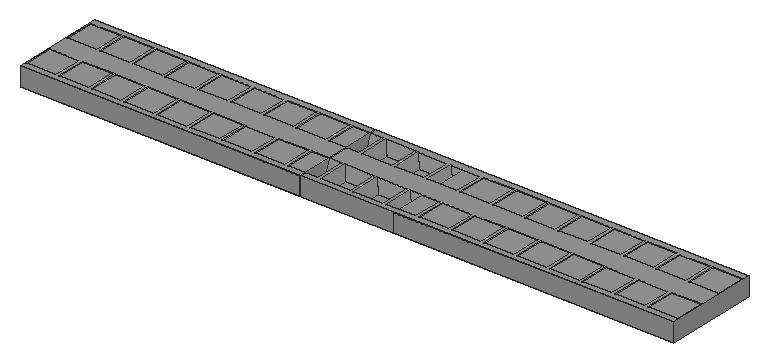
Revit family "2023774", category Lighting Fixtures, host Face, Revit 2018
Family settings
  Host = Face
  Round Connector Dimension = Use Diameter
  Part Type = Normal
  OmniClass Number = 23.80.70.00
  OmniClass Title = Lighting
  Cut with Voids When Loaded = No
  Light Source = Yes
  Shared = No
  Room Calculation Point = No
Parameters (values of type "2023774 OPTIX S 1500 2L D/I HO 4K ALU EM")
  Weight = "n/a"
  Wattage Comments = ""
  Wattage = 9.2903 W
  WarrantyStartDate [instance] = "n/a"
  WarrantyGuarantorParts = "n/a"
  WarrantyDurationUnit = "n/a"
  WarrantyDurationParts = ""
  WarrantyDescription = "http://www.sylvania-lighting.com"
  built-in parameter 1150110 = 1 (stored number, unit not read)
  Voltage = 0 V
  URL = "0.95"
  TypeName = "OPTIX SURFACE 1500 2L D/I HO 4000K ALU EM"
  Type Image = <None>
  Type Comments = "n/a"
  built-in parameter 1114217 = 1 (stored number, unit not read)
  Tilt Angle = -90.00°
  built-in parameter 1150109 = 1 (stored number, unit not read)
  built-in parameter 1150134 = 3
  built-in parameter 1150113 = 1 (stored number, unit not read)
  SerialNumber [instance] = "n/a"
  Photometric Web File = "2023774.ies"
  Material_3_SYL = none
  PowerFactor = 0
  PowerConsumption = "Lighting"
  NominalLength = 200 mm
  NominalHeight = 45 mm
  NominalDepth = 200 mm
  Name = "OPTIX SURFACE 1500 2L D/I HO 4000K ALU EM"
  ModelReference = Name  # "OPTIX SURFACE 1500 2L D/I HO 4000K ALU EM"
  ModelNumber = "2023774"
  Model = Name  # "OPTIX SURFACE 1500 2L D/I HO 4000K ALU EM"
  Material = "Feilo Sylvania"
  ManufacturerName = "143 lm/W"
  Manufacturer = ""
  LuminousEfficacy = ""
  built-in parameter 1150105 = 109.82 (stored number, unit not read)
  Lumens = 1380 lm
  LuminaireType = "0"
  built-in parameter 1150115 = 1 (stored number, unit not read)
  LightOutputRatio = "LED"
  built-in parameter 1150137 = (empty or 0)
  built-in parameter 1150139 = (empty or 0)
  LampsType = Lamp  # "n/a"
  LampNominalLuminous = "4000 K"
  LampMacAdamStep = "80"
  LampColourTemperature = "LED"
  LampColourRenderingIndex = "16500"
  built-in parameter 1150112 = 1 (stored number, unit not read)
  built-in parameter 1150114 = 1 (stored number, unit not read)
  Lamp = "n/a"
  Keynote = "n/a"
  InstallationDate [instance] = "n/a"
  InputVoltage = "0"
  InputNominalFrequency = "4000"
  built-in parameter 1150132 = (empty or 0)
  built-in parameter 1150102 = (empty or 0)
  built-in parameter 1150107 = 3200 (stored number, unit not read)
  built-in parameter 1150138 = (empty or 0)
  IngressProtection = "IfcLightFixtureType"
  ImpactProtectionIndex = "IfcLightFixtureType"
  built-in parameter 1150106 = 1.0982 (stored number, unit not read)
  IfcExportType = "IfcLightFixtureType"
  IfcExportAs = "Class I"
  Emit from Circle Diameter = 609.6 mm
  Emit Shape Visible in Rendering = no
  ElectricShockClassification = "143"
  built-in parameter 1150104 = 13.8 (stored number, unit not read)
  DocumentationLiterature = "http://www.sylvania-lighting.com/product/en-int/products/2023774"
  DimmingControlOptions = "n/a"
  Material_2_SYL = none
  Dimming Lamp Color Temperature Shift = <None>
  Description = "OPTIX SURFACE 1500x200 2 LINE D/I HO 4000K ALU EM is a high efficacy low glare luminaire for office and education applications. Direct / Indirect lighting with 80% downlight and 20% uplight ratio for ceiling suspended mounting. Size: 1410x200x45mm. Aluminised plastic extra low glare optics in 2 lines configuration. White RAL9016 fixture body. Constant current driver. 3hr maintained emergency version.  4000K Neutral White LED, CRI>80, chromaticity tolerance of 3-step MacAdam ellipse. Luminous flux 7000lm. Power consumption 48W. Luminaire efficacy 146lm/W. Lifespan: 60,000 hours L90B10. UGR<16, Luminance at 65°<200 Cd/m2, IK07, IP20. Photobiological safety risk group 1. Electrical protection Class I. Glow wire test 850°C."
  Default Elevation = 1219.2 mm
  CreatedOn = "22/09/2022"
  CreatedBy = "@sylvania-lighting.com"
  Cost = 0
  Color Filter = 16777215
  built-in parameter 1114216 [instance] = (empty or 0)
  ClassificationValue = "EF_70_80"
  ClassificationName = "Uniclass2015"
  Material_1_SYL = none
  BarCode [instance] = "n/a"
  built-in parameter 1114218 = 1 (stored number, unit not read)
  built-in parameter 1150133 = 10 (stored number, unit not read)
  AssetType = "Fixed"
  AssetIdentifier [instance] = "n/a"
  Assembly Code = "D5020200"
  Apparent Load = 49 VA
  Material_4_SYL = none
Reference planes
  plane 1 "Center (Front/Back)": y = 0
  plane 2: z = 0
  plane 3 "Center (Left/Right)": x = 0
  plane 4: x = -100
  plane 5: x = 100
  plane 6: y = 100
  plane 7: y = -100
  plane 8: z = 45
  plane 9: x = -698.5
  plane 10: x = 698.5
  plane 11: x = -633
  plane 12: y = 23
  plane 13: y = -23
  plane 14: x = -563
  plane 15: x = -557
  plane 16: x = -493
  plane 17: x = -487
  plane 18: x = -423
  plane 19: x = -417
  plane 20: x = -353
  plane 21: x = -347
  plane 22: x = -283
  plane 23: x = -277
  plane 24: x = -213
  plane 25: x = -206.997
  plane 26: x = -142.997
  plane 27: x = -136.997
  plane 28: x = -72.997
  plane 29: x = -66.997
  plane 30: x = -2.997
  plane 31: x = 3.003
  plane 32: x = 67.003
  plane 33: x = 73.003
  plane 34: x = 137.003
  plane 35: x = 143.003
  plane 36: x = 207.003
  plane 37: x = 213.003
  plane 38: x = 277.003
  plane 39: x = 283.003
  plane 40: x = 347.003
  plane 41: x = 353.003
  plane 42: x = 417.003
  plane 43: x = 423.003
  plane 44: x = 487.003
  plane 45: x = 493.003
  plane 46: x = 557.003
  plane 47: x = 563.003
  plane 48: x = 627.003
  plane 49: x = 633.003
  plane 50: x = -627
  plane 51: x = 697.011
  plane 52: x = -697
  plane 53: y = -87
  plane 54: y = -55
  plane 55: y = -33.5
  plane 56: y = -76.5
  plane 57: x = -665
  plane 58: x = -643.5
  plane 59: x = -686.5
  plane 60: x = -595
  plane 61: y = -5
  plane 62: z = 52.5
Forms (mm)
  Extrusion 1, solid, material "Aluminum", detail levels medium+fine
    sketch origin (0, 0, 0) x (1, 0, 0) y (0, 1, 0)
      loop
        line (-512.5, 10) -> (-512.5, -10) -> (-487.5, -10) -> (-487.5, 10) -> (-512.5, 10)
    from 0 to 6
  Extrusion 2, solid, material "Aluminum", detail levels medium+fine
    sketch origin (0, 0, 0) x (1, 0, 0) y (0, 1, 0)
      loop
        line (486, 10) -> (486, -10) -> (511, -10) -> (511, 10) -> (486, 10)
    from 0 to 6
  Extrusion 3, solid, material "Aluminum", detail levels medium+fine
    sketch origin (0, 0, 0) x (1, 0, 0) y (0, 1, 0)
      loop
        line (-698.5, 100) -> (-698.5, -100) -> (698.5, -100) -> (698.5, 100) -> (-698.5, 100)
    from 6 to 45
  Extrusion 4, solid, material "Aluminum", detail levels medium+fine
    sketch origin (0, 0, 0) x (1, 0, 0) y (0, 1, 0)
      loop
        line (-100, 100) -> (-698.5, 100) -> (-698.5, -100) -> (-100, -100) -> (-100, 100)
    from 6 to 45
  Extrusion 5, solid, material "Aluminum", detail levels medium+fine
    sketch origin (0, 0, 0) x (1, 0, 0) y (0, 1, 0)
      loop
        line (698.5, 100) -> (100, 100) -> (100, -100) -> (698.5, -100) -> (698.5, 100)
    from 6 to 45
  Blend 6, void
    base sketch origin (0, 0, 0) x (1, 0, 0) y (0, 1, 0)
      loop
        line (-697, -23) -> (-697, -87) -> (-633, -87) -> (-633, -23) -> (-697, -23)
    top sketch origin (0, 0, 0) x (1, 0, 0) y (0, 1, 0)
      loop
        line (-686.5, -33.5) -> (-686.5, -76.5) -> (-643.5, -76.5) -> (-643.5, -33.5) -> (-686.5, -33.5)
    from 45 to 18.5
  Extrusion 7, solid, material "Glass, White, High Luminance", detail levels fine
    sketch origin (0, 0, 0) x (1, 0, 0) y (0, 1, 0)
      loop
        line (-686.5, -33.5) -> (-686.5, -76.5) -> (-643.5, -76.5) -> (-643.5, -33.5) -> (-686.5, -33.5)
    from 18.5 to 20
  Blend 8, void
    base sketch origin (70, 0, 0) x (1, 0, 0) y (0, 1, 0)
      loop
        line (-697, -23) -> (-697, -87) -> (-633, -87) -> (-633, -23) -> (-697, -23)
    top sketch origin (70, 0, 0) x (1, 0, 0) y (0, 1, 0)
      loop
        line (-686.5, -33.5) -> (-686.5, -76.5) -> (-643.5, -76.5) -> (-643.5, -33.5) -> (-686.5, -33.5)
    from 45 to 18.5
  Blend 9, void
    base sketch origin (140, 0, 0) x (1, 0, 0) y (0, 1, 0)
      loop
        line (-697, -23) -> (-697, -87) -> (-633, -87) -> (-633, -23) -> (-697, -23)
    top sketch origin (140, 0, 0) x (1, 0, 0) y (0, 1, 0)
      loop
        line (-686.5, -33.5) -> (-686.5, -76.5) -> (-643.5, -76.5) -> (-643.5, -33.5) -> (-686.5, -33.5)
    from 45 to 18.5
  Blend 10, void
    base sketch origin (210, 0, 0) x (1, 0, 0) y (0, 1, 0)
      loop
        line (-697, -23) -> (-697, -87) -> (-633, -87) -> (-633, -23) -> (-697, -23)
    top sketch origin (210, 0, 0) x (1, 0, 0) y (0, 1, 0)
      loop
        line (-686.5, -33.5) -> (-686.5, -76.5) -> (-643.5, -76.5) -> (-643.5, -33.5) -> (-686.5, -33.5)
    from 45 to 18.5
  Blend 11, void
    base sketch origin (280, 0, 0) x (1, 0, 0) y (0, 1, 0)
      loop
        line (-697, -23) -> (-697, -87) -> (-633, -87) -> (-633, -23) -> (-697, -23)
    top sketch origin (280, 0, 0) x (1, 0, 0) y (0, 1, 0)
      loop
        line (-686.5, -33.5) -> (-686.5, -76.5) -> (-643.5, -76.5) -> (-643.5, -33.5) -> (-686.5, -33.5)
    from 45 to 18.5
  Blend 12, void
    base sketch origin (350, 0, 0) x (1, 0, 0) y (0, 1, 0)
      loop
        line (-697, -23) -> (-697, -87) -> (-633, -87) -> (-633, -23) -> (-697, -23)
    top sketch origin (350, 0, 0) x (1, 0, 0) y (0, 1, 0)
      loop
        line (-686.5, -33.5) -> (-686.5, -76.5) -> (-643.5, -76.5) -> (-643.5, -33.5) -> (-686.5, -33.5)
    from 45 to 18.5
  Blend 13, void
    base sketch origin (420, 0, 0) x (1, 0, 0) y (0, 1, 0)
      loop
        line (-697, -23) -> (-697, -87) -> (-633, -87) -> (-633, -23) -> (-697, -23)
    top sketch origin (420, 0, 0) x (1, 0, 0) y (0, 1, 0)
      loop
        line (-686.5, -33.5) -> (-686.5, -76.5) -> (-643.5, -76.5) -> (-643.5, -33.5) -> (-686.5, -33.5)
    from 45 to 18.5
  Blend 14, void
    base sketch origin (490.003, 0, 0) x (1, 0, 0) y (0, 1, 0)
      loop
        line (-697, -23) -> (-697, -87) -> (-633, -87) -> (-633, -23) -> (-697, -23)
    top sketch origin (490.003, 0, 0) x (1, 0, 0) y (0, 1, 0)
      loop
        line (-686.5, -33.5) -> (-686.5, -76.5) -> (-643.5, -76.5) -> (-643.5, -33.5) -> (-686.5, -33.5)
    from 45 to 18.5
  Blend 15, void
    base sketch origin (560.003, 0, 0) x (1, 0, 0) y (0, 1, 0)
      loop
        line (-697, -23) -> (-697, -87) -> (-633, -87) -> (-633, -23) -> (-697, -23)
    top sketch origin (560.003, 0, 0) x (1, 0, 0) y (0, 1, 0)
      loop
        line (-686.5, -33.5) -> (-686.5, -76.5) -> (-643.5, -76.5) -> (-643.5, -33.5) -> (-686.5, -33.5)
    from 45 to 18.5
  Blend 16, void
    base sketch origin (630.003, 0, 0) x (1, 0, 0) y (0, 1, 0)
      loop
        line (-697, -23) -> (-697, -87) -> (-633, -87) -> (-633, -23) -> (-697, -23)
    top sketch origin (630.003, 0, 0) x (1, 0, 0) y (0, 1, 0)
      loop
        line (-686.5, -33.5) -> (-686.5, -76.5) -> (-643.5, -76.5) -> (-643.5, -33.5) -> (-686.5, -33.5)
    from 45 to 18.5
  Blend 17, void
    base sketch origin (700.003, 0, 0) x (1, 0, 0) y (0, 1, 0)
      loop
        line (-697, -23) -> (-697, -87) -> (-633, -87) -> (-633, -23) -> (-697, -23)
    top sketch origin (700.003, 0, 0) x (1, 0, 0) y (0, 1, 0)
      loop
        line (-686.5, -33.5) -> (-686.5, -76.5) -> (-643.5, -76.5) -> (-643.5, -33.5) -> (-686.5, -33.5)
    from 45 to 18.5
  Blend 18, void
    base sketch origin (770.003, 0, 0) x (1, 0, 0) y (0, 1, 0)
      loop
        line (-697, -23) -> (-697, -87) -> (-633, -87) -> (-633, -23) -> (-697, -23)
    top sketch origin (770.003, 0, 0) x (1, 0, 0) y (0, 1, 0)
      loop
        line (-686.5, -33.5) -> (-686.5, -76.5) -> (-643.5, -76.5) -> (-643.5, -33.5) -> (-686.5, -33.5)
    from 45 to 18.5
  Blend 19, void
    base sketch origin (840.003, 0, 0) x (1, 0, 0) y (0, 1, 0)
      loop
        line (-697, -23) -> (-697, -87) -> (-633, -87) -> (-633, -23) -> (-697, -23)
    top sketch origin (840.003, 0, 0) x (1, 0, 0) y (0, 1, 0)
      loop
        line (-686.5, -33.5) -> (-686.5, -76.5) -> (-643.5, -76.5) -> (-643.5, -33.5) -> (-686.5, -33.5)
    from 45 to 18.5
  Blend 20, void
    base sketch origin (910.003, 0, 0) x (1, 0, 0) y (0, 1, 0)
      loop
        line (-697, -23) -> (-697, -87) -> (-633, -87) -> (-633, -23) -> (-697, -23)
    top sketch origin (910.003, 0, 0) x (1, 0, 0) y (0, 1, 0)
      loop
        line (-686.5, -33.5) -> (-686.5, -76.5) -> (-643.5, -76.5) -> (-643.5, -33.5) -> (-686.5, -33.5)
    from 45 to 18.5
  Blend 21, void
    base sketch origin (980.003, 0, 0) x (1, 0, 0) y (0, 1, 0)
      loop
        line (-697, -23) -> (-697, -87) -> (-633, -87) -> (-633, -23) -> (-697, -23)
    top sketch origin (980.003, 0, 0) x (1, 0, 0) y (0, 1, 0)
      loop
        line (-686.5, -33.5) -> (-686.5, -76.5) -> (-643.5, -76.5) -> (-643.5, -33.5) -> (-686.5, -33.5)
    from 45 to 18.5
  Blend 22, void
    base sketch origin (1050.003, 0, 0) x (1, 0, 0) y (0, 1, 0)
      loop
        line (-697, -23) -> (-697, -87) -> (-633, -87) -> (-633, -23) -> (-697, -23)
    top sketch origin (1050.003, 0, 0) x (1, 0, 0) y (0, 1, 0)
      loop
        line (-686.5, -33.5) -> (-686.5, -76.5) -> (-643.5, -76.5) -> (-643.5, -33.5) -> (-686.5, -33.5)
    from 45 to 18.5
  Blend 23, void
    base sketch origin (1120.003, 0, 0) x (1, 0, 0) y (0, 1, 0)
      loop
        line (-697, -23) -> (-697, -87) -> (-633, -87) -> (-633, -23) -> (-697, -23)
    top sketch origin (1120.003, 0, 0) x (1, 0, 0) y (0, 1, 0)
      loop
        line (-686.5, -33.5) -> (-686.5, -76.5) -> (-643.5, -76.5) -> (-643.5, -33.5) -> (-686.5, -33.5)
    from 45 to 18.5
  Blend 24, void
    base sketch origin (1190.003, 0, 0) x (1, 0, 0) y (0, 1, 0)
      loop
        line (-697, -23) -> (-697, -87) -> (-633, -87) -> (-633, -23) -> (-697, -23)
    top sketch origin (1190.003, 0, 0) x (1, 0, 0) y (0, 1, 0)
      loop
        line (-686.5, -33.5) -> (-686.5, -76.5) -> (-643.5, -76.5) -> (-643.5, -33.5) -> (-686.5, -33.5)
    from 45 to 18.5
  Blend 25, void
    base sketch origin (1260.003, 0, 0) x (1, 0, 0) y (0, 1, 0)
      loop
        line (-697, -23) -> (-697, -87) -> (-633, -87) -> (-633, -23) -> (-697, -23)
    top sketch origin (1260.003, 0, 0) x (1, 0, 0) y (0, 1, 0)
      loop
        line (-686.5, -33.5) -> (-686.5, -76.5) -> (-643.5, -76.5) -> (-643.5, -33.5) -> (-686.5, -33.5)
    from 45 to 18.5
  Blend 26, void
    base sketch origin (1330.003, 0, 0) x (1, 0, 0) y (0, 1, 0)
      loop
        line (-697, -23) -> (-697, -87) -> (-633, -87) -> (-633, -23) -> (-697, -23)
    top sketch origin (1330.003, 0, 0) x (1, 0, 0) y (0, 1, 0)
      loop
        line (-686.5, -33.5) -> (-686.5, -76.5) -> (-643.5, -76.5) -> (-643.5, -33.5) -> (-686.5, -33.5)
    from 45 to 18.5
  Extrusion 27, solid, material "Glass, White, High Luminance", detail levels fine
    sketch origin (70, 0, 0) x (1, 0, 0) y (0, 1, 0)
      loop
        line (-686.5, -33.5) -> (-686.5, -76.5) -> (-643.5, -76.5) -> (-643.5, -33.5) -> (-686.5, -33.5)
    from 18.5 to 20
  Extrusion 28, solid, material "Glass, White, High Luminance", detail levels fine
    sketch origin (140, 0, 0) x (1, 0, 0) y (0, 1, 0)
      loop
        line (-686.5, -33.5) -> (-686.5, -76.5) -> (-643.5, -76.5) -> (-643.5, -33.5) -> (-686.5, -33.5)
    from 18.5 to 20
  Extrusion 29, solid, material "Glass, White, High Luminance", detail levels fine
    sketch origin (210, 0, 0) x (1, 0, 0) y (0, 1, 0)
      loop
        line (-686.5, -33.5) -> (-686.5, -76.5) -> (-643.5, -76.5) -> (-643.5, -33.5) -> (-686.5, -33.5)
    from 18.5 to 20
  Extrusion 30, solid, material "Glass, White, High Luminance", detail levels fine
    sketch origin (280, 0, 0) x (1, 0, 0) y (0, 1, 0)
      loop
        line (-686.5, -33.5) -> (-686.5, -76.5) -> (-643.5, -76.5) -> (-643.5, -33.5) -> (-686.5, -33.5)
    from 18.5 to 20
  Extrusion 31, solid, material "Glass, White, High Luminance", detail levels fine
    sketch origin (350, 0, 0) x (1, 0, 0) y (0, 1, 0)
      loop
        line (-686.5, -33.5) -> (-686.5, -76.5) -> (-643.5, -76.5) -> (-643.5, -33.5) -> (-686.5, -33.5)
    from 18.5 to 20
  Extrusion 32, solid, material "Glass, White, High Luminance", detail levels fine
    sketch origin (420, 0, 0) x (1, 0, 0) y (0, 1, 0)
      loop
        line (-686.5, -33.5) -> (-686.5, -76.5) -> (-643.5, -76.5) -> (-643.5, -33.5) -> (-686.5, -33.5)
    from 18.5 to 20
  Extrusion 33, solid, material "Glass, White, High Luminance", detail levels fine
    sketch origin (490.003, 0, 0) x (1, 0, 0) y (0, 1, 0)
      loop
        line (-686.5, -33.5) -> (-686.5, -76.5) -> (-643.5, -76.5) -> (-643.5, -33.5) -> (-686.5, -33.5)
    from 18.5 to 20
  Extrusion 34, solid, material "Glass, White, High Luminance", detail levels fine
    sketch origin (560.003, 0, 0) x (1, 0, 0) y (0, 1, 0)
      loop
        line (-686.5, -33.5) -> (-686.5, -76.5) -> (-643.5, -76.5) -> (-643.5, -33.5) -> (-686.5, -33.5)
    from 18.5 to 20
  Extrusion 35, solid, material "Glass, White, High Luminance", detail levels fine
    sketch origin (630.003, 0, 0) x (1, 0, 0) y (0, 1, 0)
      loop
        line (-686.5, -33.5) -> (-686.5, -76.5) -> (-643.5, -76.5) -> (-643.5, -33.5) -> (-686.5, -33.5)
    from 18.5 to 20
  Extrusion 36, solid, material "Glass, White, High Luminance", detail levels fine
    sketch origin (700.003, 0, 0) x (1, 0, 0) y (0, 1, 0)
      loop
        line (-686.5, -33.5) -> (-686.5, -76.5) -> (-643.5, -76.5) -> (-643.5, -33.5) -> (-686.5, -33.5)
    from 18.5 to 20
  Extrusion 37, solid, material "Glass, White, High Luminance", detail levels fine
    sketch origin (770.003, 0, 0) x (1, 0, 0) y (0, 1, 0)
      loop
        line (-686.5, -33.5) -> (-686.5, -76.5) -> (-643.5, -76.5) -> (-643.5, -33.5) -> (-686.5, -33.5)
    from 18.5 to 20
  Extrusion 38, solid, material "Glass, White, High Luminance", detail levels fine
    sketch origin (840.003, 0, 0) x (1, 0, 0) y (0, 1, 0)
      loop
        line (-686.5, -33.5) -> (-686.5, -76.5) -> (-643.5, -76.5) -> (-643.5, -33.5) -> (-686.5, -33.5)
    from 18.5 to 20
  Extrusion 39, solid, material "Glass, White, High Luminance", detail levels fine
    sketch origin (910.003, 0, 0) x (1, 0, 0) y (0, 1, 0)
      loop
        line (-686.5, -33.5) -> (-686.5, -76.5) -> (-643.5, -76.5) -> (-643.5, -33.5) -> (-686.5, -33.5)
    from 18.5 to 20
  Extrusion 40, solid, material "Glass, White, High Luminance", detail levels fine
    sketch origin (980.003, 0, 0) x (1, 0, 0) y (0, 1, 0)
      loop
        line (-686.5, -33.5) -> (-686.5, -76.5) -> (-643.5, -76.5) -> (-643.5, -33.5) -> (-686.5, -33.5)
    from 18.5 to 20
  Extrusion 41, solid, material "Glass, White, High Luminance", detail levels fine
    sketch origin (1050.003, 0, 0) x (1, 0, 0) y (0, 1, 0)
      loop
        line (-686.5, -33.5) -> (-686.5, -76.5) -> (-643.5, -76.5) -> (-643.5, -33.5) -> (-686.5, -33.5)
    from 18.5 to 20
  Extrusion 42, solid, material "Glass, White, High Luminance", detail levels fine
    sketch origin (1120.003, 0, 0) x (1, 0, 0) y (0, 1, 0)
      loop
        line (-686.5, -33.5) -> (-686.5, -76.5) -> (-643.5, -76.5) -> (-643.5, -33.5) -> (-686.5, -33.5)
    from 18.5 to 20
  Extrusion 43, solid, material "Glass, White, High Luminance", detail levels fine
    sketch origin (1190.003, 0, 0) x (1, 0, 0) y (0, 1, 0)
      loop
        line (-686.5, -33.5) -> (-686.5, -76.5) -> (-643.5, -76.5) -> (-643.5, -33.5) -> (-686.5, -33.5)
    from 18.5 to 20
  Extrusion 44, solid, material "Glass, White, High Luminance", detail levels fine
    sketch origin (1260.003, 0, 0) x (1, 0, 0) y (0, 1, 0)
      loop
        line (-686.5, -33.5) -> (-686.5, -76.5) -> (-643.5, -76.5) -> (-643.5, -33.5) -> (-686.5, -33.5)
    from 18.5 to 20
  Extrusion 45, solid, material "Glass, White, High Luminance", detail levels fine
    sketch origin (1330.003, 0, 0) x (1, 0, 0) y (0, 1, 0)
      loop
        line (-686.5, -33.5) -> (-686.5, -76.5) -> (-643.5, -76.5) -> (-643.5, -33.5) -> (-686.5, -33.5)
    from 18.5 to 20
  Blend 46, void
    base sketch origin (0, 110, 0) x (1, 0, 0) y (0, 1, 0)
      loop
        line (-697, -23) -> (-697, -87) -> (-633, -87) -> (-633, -23) -> (-697, -23)
    top sketch origin (0, 110, 0) x (1, 0, 0) y (0, 1, 0)
      loop
        line (-686.5, -33.5) -> (-686.5, -76.5) -> (-643.5, -76.5) -> (-643.5, -33.5) -> (-686.5, -33.5)
    from 45 to 18.5
  Blend 47, void
    base sketch origin (70, 110, 0) x (1, 0, 0) y (0, 1, 0)
      loop
        line (-697, -23) -> (-697, -87) -> (-633, -87) -> (-633, -23) -> (-697, -23)
    top sketch origin (70, 110, 0) x (1, 0, 0) y (0, 1, 0)
      loop
        line (-686.5, -33.5) -> (-686.5, -76.5) -> (-643.5, -76.5) -> (-643.5, -33.5) -> (-686.5, -33.5)
    from 45 to 18.5
  Blend 48, void
    base sketch origin (140, 110, 0) x (1, 0, 0) y (0, 1, 0)
      loop
        line (-697, -23) -> (-697, -87) -> (-633, -87) -> (-633, -23) -> (-697, -23)
    top sketch origin (140, 110, 0) x (1, 0, 0) y (0, 1, 0)
      loop
        line (-686.5, -33.5) -> (-686.5, -76.5) -> (-643.5, -76.5) -> (-643.5, -33.5) -> (-686.5, -33.5)
    from 45 to 18.5
  Blend 49, void
    base sketch origin (210, 110, 0) x (1, 0, 0) y (0, 1, 0)
      loop
        line (-697, -23) -> (-697, -87) -> (-633, -87) -> (-633, -23) -> (-697, -23)
    top sketch origin (210, 110, 0) x (1, 0, 0) y (0, 1, 0)
      loop
        line (-686.5, -33.5) -> (-686.5, -76.5) -> (-643.5, -76.5) -> (-643.5, -33.5) -> (-686.5, -33.5)
    from 45 to 18.5
  Blend 50, void
    base sketch origin (280, 110, 0) x (1, 0, 0) y (0, 1, 0)
      loop
        line (-697, -23) -> (-697, -87) -> (-633, -87) -> (-633, -23) -> (-697, -23)
    top sketch origin (280, 110, 0) x (1, 0, 0) y (0, 1, 0)
      loop
        line (-686.5, -33.5) -> (-686.5, -76.5) -> (-643.5, -76.5) -> (-643.5, -33.5) -> (-686.5, -33.5)
    from 45 to 18.5
  Blend 51, void
    base sketch origin (350, 110, 0) x (1, 0, 0) y (0, 1, 0)
      loop
        line (-697, -23) -> (-697, -87) -> (-633, -87) -> (-633, -23) -> (-697, -23)
    top sketch origin (350, 110, 0) x (1, 0, 0) y (0, 1, 0)
      loop
        line (-686.5, -33.5) -> (-686.5, -76.5) -> (-643.5, -76.5) -> (-643.5, -33.5) -> (-686.5, -33.5)
    from 45 to 18.5
  Blend 52, void
    base sketch origin (420, 110, 0) x (1, 0, 0) y (0, 1, 0)
      loop
        line (-697, -23) -> (-697, -87) -> (-633, -87) -> (-633, -23) -> (-697, -23)
    top sketch origin (420, 110, 0) x (1, 0, 0) y (0, 1, 0)
      loop
        line (-686.5, -33.5) -> (-686.5, -76.5) -> (-643.5, -76.5) -> (-643.5, -33.5) -> (-686.5, -33.5)
    from 45 to 18.5
  Blend 53, void
    base sketch origin (490.003, 110, 0) x (1, 0, 0) y (0, 1, 0)
      loop
        line (-697, -23) -> (-697, -87) -> (-633, -87) -> (-633, -23) -> (-697, -23)
    top sketch origin (490.003, 110, 0) x (1, 0, 0) y (0, 1, 0)
      loop
        line (-686.5, -33.5) -> (-686.5, -76.5) -> (-643.5, -76.5) -> (-643.5, -33.5) -> (-686.5, -33.5)
    from 45 to 18.5
  Blend 54, void
    base sketch origin (560.003, 110, 0) x (1, 0, 0) y (0, 1, 0)
      loop
        line (-697, -23) -> (-697, -87) -> (-633, -87) -> (-633, -23) -> (-697, -23)
    top sketch origin (560.003, 110, 0) x (1, 0, 0) y (0, 1, 0)
      loop
        line (-686.5, -33.5) -> (-686.5, -76.5) -> (-643.5, -76.5) -> (-643.5, -33.5) -> (-686.5, -33.5)
    from 45 to 18.5
  Blend 55, void
    base sketch origin (630.003, 110, 0) x (1, 0, 0) y (0, 1, 0)
      loop
        line (-697, -23) -> (-697, -87) -> (-633, -87) -> (-633, -23) -> (-697, -23)
    top sketch origin (630.003, 110, 0) x (1, 0, 0) y (0, 1, 0)
      loop
        line (-686.5, -33.5) -> (-686.5, -76.5) -> (-643.5, -76.5) -> (-643.5, -33.5) -> (-686.5, -33.5)
    from 45 to 18.5
  Blend 56, void
    base sketch origin (700.003, 110, 0) x (1, 0, 0) y (0, 1, 0)
      loop
        line (-697, -23) -> (-697, -87) -> (-633, -87) -> (-633, -23) -> (-697, -23)
    top sketch origin (700.003, 110, 0) x (1, 0, 0) y (0, 1, 0)
      loop
        line (-686.5, -33.5) -> (-686.5, -76.5) -> (-643.5, -76.5) -> (-643.5, -33.5) -> (-686.5, -33.5)
    from 45 to 18.5
  Blend 57, void
    base sketch origin (770.003, 110, 0) x (1, 0, 0) y (0, 1, 0)
      loop
        line (-697, -23) -> (-697, -87) -> (-633, -87) -> (-633, -23) -> (-697, -23)
    top sketch origin (770.003, 110, 0) x (1, 0, 0) y (0, 1, 0)
      loop
        line (-686.5, -33.5) -> (-686.5, -76.5) -> (-643.5, -76.5) -> (-643.5, -33.5) -> (-686.5, -33.5)
    from 45 to 18.5
  Blend 58, void
    base sketch origin (840.003, 110, 0) x (1, 0, 0) y (0, 1, 0)
      loop
        line (-697, -23) -> (-697, -87) -> (-633, -87) -> (-633, -23) -> (-697, -23)
    top sketch origin (840.003, 110, 0) x (1, 0, 0) y (0, 1, 0)
      loop
        line (-686.5, -33.5) -> (-686.5, -76.5) -> (-643.5, -76.5) -> (-643.5, -33.5) -> (-686.5, -33.5)
    from 45 to 18.5
  Blend 59, void
    base sketch origin (910.003, 110, 0) x (1, 0, 0) y (0, 1, 0)
      loop
        line (-697, -23) -> (-697, -87) -> (-633, -87) -> (-633, -23) -> (-697, -23)
    top sketch origin (910.003, 110, 0) x (1, 0, 0) y (0, 1, 0)
      loop
        line (-686.5, -33.5) -> (-686.5, -76.5) -> (-643.5, -76.5) -> (-643.5, -33.5) -> (-686.5, -33.5)
    from 45 to 18.5
  Blend 60, void
    base sketch origin (980.003, 110, 0) x (1, 0, 0) y (0, 1, 0)
      loop
        line (-697, -23) -> (-697, -87) -> (-633, -87) -> (-633, -23) -> (-697, -23)
    top sketch origin (980.003, 110, 0) x (1, 0, 0) y (0, 1, 0)
      loop
        line (-686.5, -33.5) -> (-686.5, -76.5) -> (-643.5, -76.5) -> (-643.5, -33.5) -> (-686.5, -33.5)
    from 45 to 18.5
  Blend 61, void
    base sketch origin (1050.003, 110, 0) x (1, 0, 0) y (0, 1, 0)
      loop
        line (-697, -23) -> (-697, -87) -> (-633, -87) -> (-633, -23) -> (-697, -23)
    top sketch origin (1050.003, 110, 0) x (1, 0, 0) y (0, 1, 0)
      loop
        line (-686.5, -33.5) -> (-686.5, -76.5) -> (-643.5, -76.5) -> (-643.5, -33.5) -> (-686.5, -33.5)
    from 45 to 18.5
  Blend 62, void
    base sketch origin (1120.003, 110, 0) x (1, 0, 0) y (0, 1, 0)
      loop
        line (-697, -23) -> (-697, -87) -> (-633, -87) -> (-633, -23) -> (-697, -23)
    top sketch origin (1120.003, 110, 0) x (1, 0, 0) y (0, 1, 0)
      loop
        line (-686.5, -33.5) -> (-686.5, -76.5) -> (-643.5, -76.5) -> (-643.5, -33.5) -> (-686.5, -33.5)
    from 45 to 18.5
  Blend 63, void
    base sketch origin (1190.003, 110, 0) x (1, 0, 0) y (0, 1, 0)
      loop
        line (-697, -23) -> (-697, -87) -> (-633, -87) -> (-633, -23) -> (-697, -23)
    top sketch origin (1190.003, 110, 0) x (1, 0, 0) y (0, 1, 0)
      loop
        line (-686.5, -33.5) -> (-686.5, -76.5) -> (-643.5, -76.5) -> (-643.5, -33.5) -> (-686.5, -33.5)
    from 45 to 18.5
  Blend 64, void
    base sketch origin (1260.003, 110, 0) x (1, 0, 0) y (0, 1, 0)
      loop
        line (-697, -23) -> (-697, -87) -> (-633, -87) -> (-633, -23) -> (-697, -23)
    top sketch origin (1260.003, 110, 0) x (1, 0, 0) y (0, 1, 0)
      loop
        line (-686.5, -33.5) -> (-686.5, -76.5) -> (-643.5, -76.5) -> (-643.5, -33.5) -> (-686.5, -33.5)
    from 45 to 18.5
  Blend 65, void
    base sketch origin (1330.003, 110, 0) x (1, 0, 0) y (0, 1, 0)
      loop
        line (-697, -23) -> (-697, -87) -> (-633, -87) -> (-633, -23) -> (-697, -23)
    top sketch origin (1330.003, 110, 0) x (1, 0, 0) y (0, 1, 0)
      loop
        line (-686.5, -33.5) -> (-686.5, -76.5) -> (-643.5, -76.5) -> (-643.5, -33.5) -> (-686.5, -33.5)
    from 45 to 18.5
  Extrusion 66, solid, material "Glass, White, High Luminance", detail levels fine
    sketch origin (0, 110, 0) x (1, 0, 0) y (0, 1, 0)
      loop
        line (-686.5, -33.5) -> (-686.5, -76.5) -> (-643.5, -76.5) -> (-643.5, -33.5) -> (-686.5, -33.5)
    from 18.5 to 20
  Extrusion 67, solid, material "Glass, White, High Luminance", detail levels fine
    sketch origin (70, 110, 0) x (1, 0, 0) y (0, 1, 0)
      loop
        line (-686.5, -33.5) -> (-686.5, -76.5) -> (-643.5, -76.5) -> (-643.5, -33.5) -> (-686.5, -33.5)
    from 18.5 to 20
  Extrusion 68, solid, material "Glass, White, High Luminance", detail levels fine
    sketch origin (140, 110, 0) x (1, 0, 0) y (0, 1, 0)
      loop
        line (-686.5, -33.5) -> (-686.5, -76.5) -> (-643.5, -76.5) -> (-643.5, -33.5) -> (-686.5, -33.5)
    from 18.5 to 20
  Extrusion 69, solid, material "Glass, White, High Luminance", detail levels fine
    sketch origin (210, 110, 0) x (1, 0, 0) y (0, 1, 0)
      loop
        line (-686.5, -33.5) -> (-686.5, -76.5) -> (-643.5, -76.5) -> (-643.5, -33.5) -> (-686.5, -33.5)
    from 18.5 to 20
  Extrusion 70, solid, material "Glass, White, High Luminance", detail levels fine
    sketch origin (280, 110, 0) x (1, 0, 0) y (0, 1, 0)
      loop
        line (-686.5, -33.5) -> (-686.5, -76.5) -> (-643.5, -76.5) -> (-643.5, -33.5) -> (-686.5, -33.5)
    from 18.5 to 20
  Extrusion 71, solid, material "Glass, White, High Luminance", detail levels fine
    sketch origin (350, 110, 0) x (1, 0, 0) y (0, 1, 0)
      loop
        line (-686.5, -33.5) -> (-686.5, -76.5) -> (-643.5, -76.5) -> (-643.5, -33.5) -> (-686.5, -33.5)
    from 18.5 to 20
  Extrusion 72, solid, material "Glass, White, High Luminance", detail levels fine
    sketch origin (420, 110, 0) x (1, 0, 0) y (0, 1, 0)
      loop
        line (-686.5, -33.5) -> (-686.5, -76.5) -> (-643.5, -76.5) -> (-643.5, -33.5) -> (-686.5, -33.5)
    from 18.5 to 20
  Extrusion 73, solid, material "Glass, White, High Luminance", detail levels fine
    sketch origin (700.003, 110, 0) x (1, 0, 0) y (0, 1, 0)
      loop
        line (-686.5, -33.5) -> (-686.5, -76.5) -> (-643.5, -76.5) -> (-643.5, -33.5) -> (-686.5, -33.5)
    from 18.5 to 20
  Extrusion 74, solid, material "Glass, White, High Luminance", detail levels fine
    sketch origin (770.003, 110, 0) x (1, 0, 0) y (0, 1, 0)
      loop
        line (-686.5, -33.5) -> (-686.5, -76.5) -> (-643.5, -76.5) -> (-643.5, -33.5) -> (-686.5, -33.5)
    from 18.5 to 20
  Extrusion 75, solid, material "Glass, White, High Luminance", detail levels fine
    sketch origin (840.003, 110, 0) x (1, 0, 0) y (0, 1, 0)
      loop
        line (-686.5, -33.5) -> (-686.5, -76.5) -> (-643.5, -76.5) -> (-643.5, -33.5) -> (-686.5, -33.5)
    from 18.5 to 20
  Extrusion 76, solid, material "Glass, White, High Luminance", detail levels fine
    sketch origin (910.003, 110, 0) x (1, 0, 0) y (0, 1, 0)
      loop
        line (-686.5, -33.5) -> (-686.5, -76.5) -> (-643.5, -76.5) -> (-643.5, -33.5) -> (-686.5, -33.5)
    from 18.5 to 20
  Extrusion 77, solid, material "Glass, White, High Luminance", detail levels fine
    sketch origin (980.003, 110, 0) x (1, 0, 0) y (0, 1, 0)
      loop
        line (-686.5, -33.5) -> (-686.5, -76.5) -> (-643.5, -76.5) -> (-643.5, -33.5) -> (-686.5, -33.5)
    from 18.5 to 20
  Extrusion 78, solid, material "Glass, White, High Luminance", detail levels fine
    sketch origin (1050.003, 110, 0) x (1, 0, 0) y (0, 1, 0)
      loop
        line (-686.5, -33.5) -> (-686.5, -76.5) -> (-643.5, -76.5) -> (-643.5, -33.5) -> (-686.5, -33.5)
    from 18.5 to 20
  Extrusion 79, solid, material "Glass, White, High Luminance", detail levels fine
    sketch origin (1120.003, 110, 0) x (1, 0, 0) y (0, 1, 0)
      loop
        line (-686.5, -33.5) -> (-686.5, -76.5) -> (-643.5, -76.5) -> (-643.5, -33.5) -> (-686.5, -33.5)
    from 18.5 to 20
  Extrusion 80, solid, material "Glass, White, High Luminance", detail levels fine
    sketch origin (1190.003, 110, 0) x (1, 0, 0) y (0, 1, 0)
      loop
        line (-686.5, -33.5) -> (-686.5, -76.5) -> (-643.5, -76.5) -> (-643.5, -33.5) -> (-686.5, -33.5)
    from 18.5 to 20
  Extrusion 81, solid, material "Glass, White, High Luminance", detail levels fine
    sketch origin (1260.003, 110, 0) x (1, 0, 0) y (0, 1, 0)
      loop
        line (-686.5, -33.5) -> (-686.5, -76.5) -> (-643.5, -76.5) -> (-643.5, -33.5) -> (-686.5, -33.5)
    from 18.5 to 20
  Extrusion 82, solid, material "Glass, White, High Luminance", detail levels fine
    sketch origin (1330.003, 110, 0) x (1, 0, 0) y (0, 1, 0)
      loop
        line (-686.5, -33.5) -> (-686.5, -76.5) -> (-643.5, -76.5) -> (-643.5, -33.5) -> (-686.5, -33.5)
    from 18.5 to 20
  Extrusion 83, solid, material "Glass, White, High Luminance", detail levels fine
    sketch origin (490.003, 110, 0) x (1, 0, 0) y (0, 1, 0)
      loop
        line (-686.5, -33.5) -> (-686.5, -76.5) -> (-643.5, -76.5) -> (-643.5, -33.5) -> (-686.5, -33.5)
    from 18.5 to 20
  Extrusion 84, solid, material "Glass, White, High Luminance", detail levels fine
    sketch origin (560.003, 110, 0) x (1, 0, 0) y (0, 1, 0)
      loop
        line (-686.5, -33.5) -> (-686.5, -76.5) -> (-643.5, -76.5) -> (-643.5, -33.5) -> (-686.5, -33.5)
    from 18.5 to 20
  Extrusion 85, solid, material "Glass, White, High Luminance", detail levels fine
    sketch origin (630.003, 110, 0) x (1, 0, 0) y (0, 1, 0)
      loop
        line (-686.5, -33.5) -> (-686.5, -76.5) -> (-643.5, -76.5) -> (-643.5, -33.5) -> (-686.5, -33.5)
    from 18.5 to 20
  Extrusion 86, solid, detail levels coarse
    sketch origin (0, 0, 0) x (1, 0, 0) y (0, 1, 0)
      loop
        line (-100, 100) -> (-100, -100) -> (100, -100) -> (100, 100) -> (-100, 100)
    from 0 to 45
Cuts and joins
  Blend 6, Blend 8, Blend 9, Blend 10, Blend 11, Blend 12, Blend 13, Blend 14, Blend 15, Blend 16, Blend 17, Blend 18, Blend 19, Blend 20, Blend 21, Blend 22, Blend 23, Blend 24, Blend 25, Blend 26, Blend 46, Blend 47, Blend 48, Blend 49, Blend 50, Blend 51, Blend 52, Blend 53, Blend 54, Blend 55, Blend 56, Blend 57, Blend 58, Blend 59, Blend 60, Blend 61, Blend 62, Blend 63, Blend 64, Blend 65 cuts Extrusion 3
  Blend 8, Blend 46 cuts Extrusion 7
  Blend 47 cuts Extrusion 27
  Blend 48 cuts Extrusion 28
  Blend 49 cuts Extrusion 29
  Blend 50 cuts Extrusion 30
  Blend 51 cuts Extrusion 31
  Blend 52 cuts Extrusion 32
  Blend 53 cuts Extrusion 33
  Blend 54 cuts Extrusion 34
  Blend 55 cuts Extrusion 35
  Blend 56 cuts Extrusion 36
  Blend 57 cuts Extrusion 37
  Blend 58 cuts Extrusion 38
  Blend 59 cuts Extrusion 39
  Blend 60 cuts Extrusion 40
  Blend 61 cuts Extrusion 41
  Blend 62 cuts Extrusion 42
  Blend 63 cuts Extrusion 43
  Blend 64 cuts Extrusion 44
  Blend 65 cuts Extrusion 45
Dimensions and locks
  "NominalLength": plane 4 to plane 5
  equal spacing: plane 4, plane 3 "Center (Left/Right)", plane 5
  "NominalDepth": plane 6 to plane 7
  equal spacing: plane 6, plane 1 "Center (Front/Back)", plane 7
  "NominalHeight": plane 8 to level
  aligned and locked: plane 2 to host face
  aligned and locked: level to host face
Automatic sketch dimensions
  host sketch curve to host sketch curve = 2438.4 mm  (x2)
  Extrusion 1 sketch curve to plane 16 = 19.5 mm
  Extrusion 1 sketch curve to plane 17 = 0.5 mm
  plane 1 "Center (Front/Back)" to Extrusion 1 sketch curve = 10 mm
  Extrusion 1 sketch curve to plane 1 "Center (Front/Back)" = 10 mm
  Extrusion 2 sketch curve to plane 44 = 1.003 mm
  plane 45 to Extrusion 2 sketch curve = 17.997 mm
  plane 1 "Center (Front/Back)" to Extrusion 2 sketch curve = 10 mm
  Extrusion 2 sketch curve to plane 1 "Center (Front/Back)" = 10 mm
  Extrusion 3 sketch curve to plane 7 = 0 mm
  Extrusion 3 sketch curve to plane 9 = 0 mm
  Extrusion 3 sketch curve to plane 10 = 0 mm
  Extrusion 3 sketch curve to plane 6 = 0 mm
  Extrusion 4 sketch curve to plane 4 = 0 mm
  Extrusion 4 sketch curve to plane 7 = 0 mm
  Extrusion 4 sketch curve to plane 9 = 0 mm
  Extrusion 4 sketch curve to plane 6 = 0 mm
  Extrusion 5 sketch curve to plane 7 = 0 mm
  Extrusion 5 sketch curve to plane 10 = 0 mm
  Extrusion 5 sketch curve to plane 5 = 0 mm
  Extrusion 5 sketch curve to plane 6 = 0 mm
  Blend 6 sketch curve to plane 52 = 0 mm
  Blend 6 sketch curve to plane 11 = 0 mm
  Blend 6 sketch curve to plane 53 = 0 mm
  Blend 6 sketch curve to plane 13 = 0 mm
  Blend 6 sketch curve to plane 56 = 0 mm
  Blend 6 sketch curve to plane 59 = 0 mm
  Blend 6 sketch curve to plane 58 = 0 mm
  Blend 6 sketch curve to plane 55 = 0 mm
  Extrusion 7 sketch curve to plane 56 = 0 mm
  Extrusion 7 sketch curve to plane 59 = 0 mm
  Extrusion 7 sketch curve to plane 58 = 0 mm
  Extrusion 7 sketch curve to plane 55 = 0 mm
  Blend 8 sketch curve to plane 50 = 0 mm
  Blend 8 sketch curve to plane 14 = 0 mm
  Blend 8 sketch curve to plane 53 = 0 mm
  Blend 8 sketch curve to plane 13 = 0 mm
  Blend 8 sketch curve to plane 56 = 0 mm
  Blend 8 sketch curve to plane 55 = 0 mm
  plane 50 to Blend 8 sketch curve = 10.5 mm
  Blend 8 sketch curve to plane 14 = 10.5 mm
  Blend 9 sketch curve to plane 15 = 0 mm
  Blend 9 sketch curve to plane 16 = 0 mm
  plane 53 to Blend 9 sketch curve = 0 mm
  Blend 9 sketch curve to plane 13 = 0 mm
  plane 56 to Blend 9 sketch curve = 0 mm
  plane 55 to Blend 9 sketch curve = 0 mm
  plane 15 to Blend 9 sketch curve = 10.5 mm
  Blend 9 sketch curve to plane 16 = 10.5 mm
  Blend 10 sketch curve to plane 17 = 0 mm
  Blend 10 sketch curve to plane 18 = 0 mm
  plane 53 to Blend 10 sketch curve = 0 mm
  Blend 10 sketch curve to plane 13 = 0 mm
  plane 56 to Blend 10 sketch curve = 0 mm
  plane 55 to Blend 10 sketch curve = 0 mm
  plane 17 to Blend 10 sketch curve = 10.5 mm
  Blend 10 sketch curve to plane 18 = 10.5 mm
  Blend 11 sketch curve to plane 19 = 0 mm
  Blend 11 sketch curve to plane 20 = 0 mm
  plane 53 to Blend 11 sketch curve = 0 mm
  Blend 11 sketch curve to plane 13 = 0 mm
  plane 56 to Blend 11 sketch curve = 0 mm
  plane 55 to Blend 11 sketch curve = 0 mm
  plane 19 to Blend 11 sketch curve = 10.5 mm
  Blend 11 sketch curve to plane 20 = 10.5 mm
  Blend 12 sketch curve to plane 21 = 0 mm
  Blend 12 sketch curve to plane 22 = 0 mm
  plane 53 to Blend 12 sketch curve = 0 mm
  Blend 12 sketch curve to plane 13 = 0 mm
  plane 56 to Blend 12 sketch curve = 0 mm
  plane 55 to Blend 12 sketch curve = 0 mm
  plane 21 to Blend 12 sketch curve = 10.5 mm
  Blend 12 sketch curve to plane 22 = 10.5 mm
  Blend 13 sketch curve to plane 23 = 0 mm
  Blend 13 sketch curve to plane 24 = 0 mm
  plane 53 to Blend 13 sketch curve = 0 mm
  Blend 13 sketch curve to plane 13 = 0 mm
  plane 56 to Blend 13 sketch curve = 0 mm
  plane 55 to Blend 13 sketch curve = 0 mm
  plane 23 to Blend 13 sketch curve = 10.5 mm
  Blend 13 sketch curve to plane 24 = 10.5 mm
  Blend 14 sketch curve to plane 25 = 0 mm
  Blend 14 sketch curve to plane 26 = 0 mm
  plane 53 to Blend 14 sketch curve = 0 mm
  Blend 14 sketch curve to plane 13 = 0 mm
  plane 56 to Blend 14 sketch curve = 0 mm
  plane 55 to Blend 14 sketch curve = 0 mm
  plane 25 to Blend 14 sketch curve = 10.5 mm
  Blend 14 sketch curve to plane 26 = 10.5 mm
  Blend 15 sketch curve to plane 27 = 0 mm
  Blend 15 sketch curve to plane 28 = 0 mm
  plane 53 to Blend 15 sketch curve = 0 mm
  Blend 15 sketch curve to plane 13 = 0 mm
  plane 56 to Blend 15 sketch curve = 0 mm
  plane 55 to Blend 15 sketch curve = 0 mm
  plane 27 to Blend 15 sketch curve = 10.5 mm
  Blend 15 sketch curve to plane 28 = 10.5 mm
  Blend 16 sketch curve to plane 29 = 0 mm
  Blend 16 sketch curve to plane 30 = 0 mm
  plane 53 to Blend 16 sketch curve = 0 mm
  Blend 16 sketch curve to plane 13 = 0 mm
  plane 56 to Blend 16 sketch curve = 0 mm
  plane 55 to Blend 16 sketch curve = 0 mm
  plane 29 to Blend 16 sketch curve = 10.5 mm
  Blend 16 sketch curve to plane 30 = 10.5 mm
  Blend 17 sketch curve to plane 31 = 0 mm
  Blend 17 sketch curve to plane 32 = 0 mm
  plane 53 to Blend 17 sketch curve = 0 mm
  Blend 17 sketch curve to plane 13 = 0 mm
  plane 56 to Blend 17 sketch curve = 0 mm
  plane 55 to Blend 17 sketch curve = 0 mm
  plane 31 to Blend 17 sketch curve = 10.5 mm
  Blend 17 sketch curve to plane 32 = 10.5 mm
  Blend 18 sketch curve to plane 33 = 0 mm
  Blend 18 sketch curve to plane 34 = 0 mm
  plane 53 to Blend 18 sketch curve = 0 mm
  Blend 18 sketch curve to plane 13 = 0 mm
  plane 56 to Blend 18 sketch curve = 0 mm
  plane 55 to Blend 18 sketch curve = 0 mm
  plane 33 to Blend 18 sketch curve = 10.5 mm
  Blend 18 sketch curve to plane 34 = 10.5 mm
  Blend 19 sketch curve to plane 35 = 0 mm
  Blend 19 sketch curve to plane 36 = 0 mm
  plane 53 to Blend 19 sketch curve = 0 mm
  Blend 19 sketch curve to plane 13 = 0 mm
  plane 56 to Blend 19 sketch curve = 0 mm
  plane 55 to Blend 19 sketch curve = 0 mm
  plane 35 to Blend 19 sketch curve = 10.5 mm
  Blend 19 sketch curve to plane 36 = 10.5 mm
  Blend 20 sketch curve to plane 37 = 0 mm
  Blend 20 sketch curve to plane 38 = 0 mm
  plane 53 to Blend 20 sketch curve = 0 mm
  Blend 20 sketch curve to plane 13 = 0 mm
  plane 56 to Blend 20 sketch curve = 0 mm
  plane 55 to Blend 20 sketch curve = 0 mm
  plane 37 to Blend 20 sketch curve = 10.5 mm
  Blend 20 sketch curve to plane 38 = 10.5 mm
  Blend 21 sketch curve to plane 39 = 0 mm
  Blend 21 sketch curve to plane 40 = 0 mm
  plane 53 to Blend 21 sketch curve = 0 mm
  Blend 21 sketch curve to plane 13 = 0 mm
  plane 56 to Blend 21 sketch curve = 0 mm
  plane 55 to Blend 21 sketch curve = 0 mm
  plane 39 to Blend 21 sketch curve = 10.5 mm
  Blend 21 sketch curve to plane 40 = 10.5 mm
  Blend 22 sketch curve to plane 41 = 0 mm
  Blend 22 sketch curve to plane 42 = 0 mm
  plane 53 to Blend 22 sketch curve = 0 mm
  Blend 22 sketch curve to plane 13 = 0 mm
  plane 56 to Blend 22 sketch curve = 0 mm
  plane 55 to Blend 22 sketch curve = 0 mm
  plane 41 to Blend 22 sketch curve = 10.5 mm
  Blend 22 sketch curve to plane 42 = 10.5 mm
  Blend 23 sketch curve to plane 43 = 0 mm
  Blend 23 sketch curve to plane 44 = 0 mm
  plane 53 to Blend 23 sketch curve = 0 mm
  Blend 23 sketch curve to plane 13 = 0 mm
  plane 56 to Blend 23 sketch curve = 0 mm
  plane 55 to Blend 23 sketch curve = 0 mm
  plane 43 to Blend 23 sketch curve = 10.5 mm
  Blend 23 sketch curve to plane 44 = 10.5 mm
  Blend 24 sketch curve to plane 45 = 0 mm
  Blend 24 sketch curve to plane 46 = 0 mm
  plane 53 to Blend 24 sketch curve = 0 mm
  Blend 24 sketch curve to plane 13 = 0 mm
  plane 56 to Blend 24 sketch curve = 0 mm
  plane 55 to Blend 24 sketch curve = 0 mm
  plane 45 to Blend 24 sketch curve = 10.5 mm
  Blend 24 sketch curve to plane 46 = 10.5 mm
  Blend 25 sketch curve to plane 47 = 0 mm
  Blend 25 sketch curve to plane 48 = 0 mm
  plane 53 to Blend 25 sketch curve = 0 mm
  Blend 25 sketch curve to plane 13 = 0 mm
  plane 56 to Blend 25 sketch curve = 0 mm
  plane 55 to Blend 25 sketch curve = 0 mm
  plane 47 to Blend 25 sketch curve = 10.5 mm
  Blend 25 sketch curve to plane 48 = 10.5 mm
  Blend 26 sketch curve to plane 49 = 0 mm
  plane 53 to Blend 26 sketch curve = 0 mm
  Blend 26 sketch curve to plane 13 = 0 mm
  Blend 26 sketch curve to plane 51 = 0.009 mm
  plane 56 to Blend 26 sketch curve = 0 mm
  plane 55 to Blend 26 sketch curve = 0 mm
  plane 49 to Blend 26 sketch curve = 10.5 mm
  Blend 26 sketch curve to plane 51 = 10.509 mm
  Extrusion 27 sketch curve to plane 56 = 0 mm
  Extrusion 27 sketch curve to plane 55 = 0 mm
  plane 50 to Extrusion 27 sketch curve = 10.5 mm
  Extrusion 27 sketch curve to plane 14 = 10.5 mm
  plane 56 to Extrusion 28 sketch curve = 0 mm
  plane 55 to Extrusion 28 sketch curve = 0 mm
  plane 15 to Extrusion 28 sketch curve = 10.5 mm
  Extrusion 28 sketch curve to plane 16 = 10.5 mm
  plane 56 to Extrusion 29 sketch curve = 0 mm
  plane 55 to Extrusion 29 sketch curve = 0 mm
  plane 17 to Extrusion 29 sketch curve = 10.5 mm
  Extrusion 29 sketch curve to plane 18 = 10.5 mm
  plane 56 to Extrusion 30 sketch curve = 0 mm
  plane 55 to Extrusion 30 sketch curve = 0 mm
  plane 19 to Extrusion 30 sketch curve = 10.5 mm
  Extrusion 30 sketch curve to plane 20 = 10.5 mm
  plane 56 to Extrusion 31 sketch curve = 0 mm
  plane 55 to Extrusion 31 sketch curve = 0 mm
  plane 21 to Extrusion 31 sketch curve = 10.5 mm
  Extrusion 31 sketch curve to plane 22 = 10.5 mm
  plane 56 to Extrusion 32 sketch curve = 0 mm
  plane 55 to Extrusion 32 sketch curve = 0 mm
  plane 23 to Extrusion 32 sketch curve = 10.5 mm
  Extrusion 32 sketch curve to plane 24 = 10.5 mm
  plane 56 to Extrusion 33 sketch curve = 0 mm
  plane 55 to Extrusion 33 sketch curve = 0 mm
  plane 25 to Extrusion 33 sketch curve = 10.5 mm
  Extrusion 33 sketch curve to plane 26 = 10.5 mm
  plane 56 to Extrusion 34 sketch curve = 0 mm
  plane 55 to Extrusion 34 sketch curve = 0 mm
  plane 27 to Extrusion 34 sketch curve = 10.5 mm
  Extrusion 34 sketch curve to plane 28 = 10.5 mm
  plane 56 to Extrusion 35 sketch curve = 0 mm
  plane 55 to Extrusion 35 sketch curve = 0 mm
  plane 29 to Extrusion 35 sketch curve = 10.5 mm
  Extrusion 35 sketch curve to plane 30 = 10.5 mm
  plane 56 to Extrusion 36 sketch curve = 0 mm
  plane 55 to Extrusion 36 sketch curve = 0 mm
  plane 31 to Extrusion 36 sketch curve = 10.5 mm
  Extrusion 36 sketch curve to plane 32 = 10.5 mm
  plane 56 to Extrusion 37 sketch curve = 0 mm
  plane 55 to Extrusion 37 sketch curve = 0 mm
  plane 33 to Extrusion 37 sketch curve = 10.5 mm
  Extrusion 37 sketch curve to plane 34 = 10.5 mm
  plane 56 to Extrusion 38 sketch curve = 0 mm
  plane 55 to Extrusion 38 sketch curve = 0 mm
  plane 35 to Extrusion 38 sketch curve = 10.5 mm
  Extrusion 38 sketch curve to plane 36 = 10.5 mm
  plane 56 to Extrusion 39 sketch curve = 0 mm
  plane 55 to Extrusion 39 sketch curve = 0 mm
  plane 37 to Extrusion 39 sketch curve = 10.5 mm
  Extrusion 39 sketch curve to plane 38 = 10.5 mm
  plane 56 to Extrusion 40 sketch curve = 0 mm
  plane 55 to Extrusion 40 sketch curve = 0 mm
  plane 39 to Extrusion 40 sketch curve = 10.5 mm
  Extrusion 40 sketch curve to plane 40 = 10.5 mm
  plane 56 to Extrusion 41 sketch curve = 0 mm
  plane 55 to Extrusion 41 sketch curve = 0 mm
  plane 41 to Extrusion 41 sketch curve = 10.5 mm
  Extrusion 41 sketch curve to plane 42 = 10.5 mm
  plane 56 to Extrusion 42 sketch curve = 0 mm
  plane 55 to Extrusion 42 sketch curve = 0 mm
  plane 43 to Extrusion 42 sketch curve = 10.5 mm
  Extrusion 42 sketch curve to plane 44 = 10.5 mm
  plane 56 to Extrusion 43 sketch curve = 0 mm
  plane 55 to Extrusion 43 sketch curve = 0 mm
  plane 45 to Extrusion 43 sketch curve = 10.5 mm
  Extrusion 43 sketch curve to plane 46 = 10.5 mm
  plane 56 to Extrusion 44 sketch curve = 0 mm
  plane 55 to Extrusion 44 sketch curve = 0 mm
  plane 47 to Extrusion 44 sketch curve = 10.5 mm
  Extrusion 44 sketch curve to plane 48 = 10.5 mm
  plane 56 to Extrusion 45 sketch curve = 0 mm
  plane 55 to Extrusion 45 sketch curve = 0 mm
  plane 49 to Extrusion 45 sketch curve = 10.5 mm
  Extrusion 45 sketch curve to plane 51 = 10.509 mm
  Blend 46 sketch curve to plane 12 = 0 mm
  Blend 46 sketch curve to plane 52 = 0 mm
  Blend 46 sketch curve to plane 11 = 0 mm
  Blend 46 sketch curve to plane 6 = 13 mm
  Blend 46 sketch curve to plane 59 = 0 mm
  Blend 46 sketch curve to plane 58 = 0 mm
  plane 12 to Blend 46 sketch curve = 10.5 mm
  Blend 46 sketch curve to plane 6 = 23.5 mm
  Blend 47 sketch curve to plane 12 = 0 mm
  Blend 47 sketch curve to plane 50 = 0 mm
  Blend 47 sketch curve to plane 14 = 0 mm
  Blend 47 sketch curve to plane 6 = 13 mm
  plane 50 to Blend 47 sketch curve = 10.5 mm
  Blend 47 sketch curve to plane 14 = 10.5 mm
  plane 12 to Blend 47 sketch curve = 10.5 mm
  Blend 47 sketch curve to plane 6 = 23.5 mm
  Blend 48 sketch curve to plane 12 = 0 mm
  Blend 48 sketch curve to plane 15 = 0 mm
  Blend 48 sketch curve to plane 16 = 0 mm
  Blend 48 sketch curve to plane 6 = 13 mm
  plane 15 to Blend 48 sketch curve = 10.5 mm
  Blend 48 sketch curve to plane 16 = 10.5 mm
  plane 12 to Blend 48 sketch curve = 10.5 mm
  Blend 48 sketch curve to plane 6 = 23.5 mm
  Blend 49 sketch curve to plane 12 = 0 mm
  Blend 49 sketch curve to plane 17 = 0 mm
  Blend 49 sketch curve to plane 18 = 0 mm
  Blend 49 sketch curve to plane 6 = 13 mm
  plane 17 to Blend 49 sketch curve = 10.5 mm
  Blend 49 sketch curve to plane 18 = 10.5 mm
  plane 12 to Blend 49 sketch curve = 10.5 mm
  Blend 49 sketch curve to plane 6 = 23.5 mm
  Blend 50 sketch curve to plane 12 = 0 mm
  Blend 50 sketch curve to plane 19 = 0 mm
  Blend 50 sketch curve to plane 20 = 0 mm
  Blend 50 sketch curve to plane 6 = 13 mm
  plane 19 to Blend 50 sketch curve = 10.5 mm
  Blend 50 sketch curve to plane 20 = 10.5 mm
  plane 12 to Blend 50 sketch curve = 10.5 mm
  Blend 50 sketch curve to plane 6 = 23.5 mm
  Blend 51 sketch curve to plane 12 = 0 mm
  Blend 51 sketch curve to plane 21 = 0 mm
  Blend 51 sketch curve to plane 22 = 0 mm
  Blend 51 sketch curve to plane 6 = 13 mm
  plane 21 to Blend 51 sketch curve = 10.5 mm
  Blend 51 sketch curve to plane 22 = 10.5 mm
  plane 12 to Blend 51 sketch curve = 10.5 mm
  Blend 51 sketch curve to plane 6 = 23.5 mm
  Blend 52 sketch curve to plane 12 = 0 mm
  Blend 52 sketch curve to plane 23 = 0 mm
  Blend 52 sketch curve to plane 24 = 0 mm
  Blend 52 sketch curve to plane 6 = 13 mm
  plane 23 to Blend 52 sketch curve = 10.5 mm
  Blend 52 sketch curve to plane 24 = 10.5 mm
  plane 12 to Blend 52 sketch curve = 10.5 mm
  Blend 52 sketch curve to plane 6 = 23.5 mm
  Blend 53 sketch curve to plane 12 = 0 mm
  Blend 53 sketch curve to plane 25 = 0 mm
  Blend 53 sketch curve to plane 26 = 0 mm
  Blend 53 sketch curve to plane 6 = 13 mm
  plane 25 to Blend 53 sketch curve = 10.5 mm
  Blend 53 sketch curve to plane 26 = 10.5 mm
  plane 12 to Blend 53 sketch curve = 10.5 mm
  Blend 53 sketch curve to plane 6 = 23.5 mm
  Blend 54 sketch curve to plane 12 = 0 mm
  Blend 54 sketch curve to plane 27 = 0 mm
  Blend 54 sketch curve to plane 28 = 0 mm
  Blend 54 sketch curve to plane 6 = 13 mm
  plane 27 to Blend 54 sketch curve = 10.5 mm
  Blend 54 sketch curve to plane 28 = 10.5 mm
  plane 12 to Blend 54 sketch curve = 10.5 mm
  Blend 54 sketch curve to plane 6 = 23.5 mm
  Blend 55 sketch curve to plane 12 = 0 mm
  Blend 55 sketch curve to plane 29 = 0 mm
  Blend 55 sketch curve to plane 30 = 0 mm
  Blend 55 sketch curve to plane 6 = 13 mm
  plane 29 to Blend 55 sketch curve = 10.5 mm
  Blend 55 sketch curve to plane 30 = 10.5 mm
  plane 12 to Blend 55 sketch curve = 10.5 mm
  Blend 55 sketch curve to plane 6 = 23.5 mm
  Blend 56 sketch curve to plane 12 = 0 mm
  Blend 56 sketch curve to plane 31 = 0 mm
  Blend 56 sketch curve to plane 32 = 0 mm
  Blend 56 sketch curve to plane 6 = 13 mm
  plane 31 to Blend 56 sketch curve = 10.5 mm
  Blend 56 sketch curve to plane 32 = 10.5 mm
  plane 12 to Blend 56 sketch curve = 10.5 mm
  Blend 56 sketch curve to plane 6 = 23.5 mm
  Blend 57 sketch curve to plane 12 = 0 mm
  Blend 57 sketch curve to plane 33 = 0 mm
  Blend 57 sketch curve to plane 34 = 0 mm
  Blend 57 sketch curve to plane 6 = 13 mm
  plane 33 to Blend 57 sketch curve = 10.5 mm
  Blend 57 sketch curve to plane 34 = 10.5 mm
  plane 12 to Blend 57 sketch curve = 10.5 mm
  Blend 57 sketch curve to plane 6 = 23.5 mm
  Blend 58 sketch curve to plane 12 = 0 mm
  Blend 58 sketch curve to plane 35 = 0 mm
  Blend 58 sketch curve to plane 36 = 0 mm
  Blend 58 sketch curve to plane 6 = 13 mm
  plane 35 to Blend 58 sketch curve = 10.5 mm
  Blend 58 sketch curve to plane 36 = 10.5 mm
  plane 12 to Blend 58 sketch curve = 10.5 mm
  Blend 58 sketch curve to plane 6 = 23.5 mm
  Blend 59 sketch curve to plane 12 = 0 mm
  Blend 59 sketch curve to plane 37 = 0 mm
  Blend 59 sketch curve to plane 38 = 0 mm
  Blend 59 sketch curve to plane 6 = 13 mm
  plane 37 to Blend 59 sketch curve = 10.5 mm
  Blend 59 sketch curve to plane 38 = 10.5 mm
  plane 12 to Blend 59 sketch curve = 10.5 mm
  Blend 59 sketch curve to plane 6 = 23.5 mm
  Blend 60 sketch curve to plane 12 = 0 mm
  Blend 60 sketch curve to plane 39 = 0 mm
  Blend 60 sketch curve to plane 40 = 0 mm
  Blend 60 sketch curve to plane 6 = 13 mm
  plane 39 to Blend 60 sketch curve = 10.5 mm
  Blend 60 sketch curve to plane 40 = 10.5 mm
  plane 12 to Blend 60 sketch curve = 10.5 mm
  Blend 60 sketch curve to plane 6 = 23.5 mm
  Blend 61 sketch curve to plane 12 = 0 mm
  Blend 61 sketch curve to plane 41 = 0 mm
  Blend 61 sketch curve to plane 42 = 0 mm
  Blend 61 sketch curve to plane 6 = 13 mm
  plane 41 to Blend 61 sketch curve = 10.5 mm
  Blend 61 sketch curve to plane 42 = 10.5 mm
  plane 12 to Blend 61 sketch curve = 10.5 mm
  Blend 61 sketch curve to plane 6 = 23.5 mm
  Blend 62 sketch curve to plane 12 = 0 mm
  Blend 62 sketch curve to plane 43 = 0 mm
  Blend 62 sketch curve to plane 44 = 0 mm
  Blend 62 sketch curve to plane 6 = 13 mm
  plane 43 to Blend 62 sketch curve = 10.5 mm
  Blend 62 sketch curve to plane 44 = 10.5 mm
  plane 12 to Blend 62 sketch curve = 10.5 mm
  Blend 62 sketch curve to plane 6 = 23.5 mm
  Blend 63 sketch curve to plane 12 = 0 mm
  Blend 63 sketch curve to plane 45 = 0 mm
  Blend 63 sketch curve to plane 46 = 0 mm
  Blend 63 sketch curve to plane 6 = 13 mm
  plane 45 to Blend 63 sketch curve = 10.5 mm
  Blend 63 sketch curve to plane 46 = 10.5 mm
  plane 12 to Blend 63 sketch curve = 10.5 mm
  Blend 63 sketch curve to plane 6 = 23.5 mm
  Blend 64 sketch curve to plane 12 = 0 mm
  Blend 64 sketch curve to plane 47 = 0 mm
  Blend 64 sketch curve to plane 48 = 0 mm
  Blend 64 sketch curve to plane 6 = 13 mm
  plane 47 to Blend 64 sketch curve = 10.5 mm
  Blend 64 sketch curve to plane 48 = 10.5 mm
  plane 12 to Blend 64 sketch curve = 10.5 mm
  Blend 64 sketch curve to plane 6 = 23.5 mm
  Blend 65 sketch curve to plane 12 = 0 mm
  Blend 65 sketch curve to plane 49 = 0 mm
  Blend 65 sketch curve to plane 51 = 0.009 mm
  Blend 65 sketch curve to plane 6 = 13 mm
  plane 49 to Blend 65 sketch curve = 10.5 mm
  Blend 65 sketch curve to plane 51 = 10.509 mm
  plane 12 to Blend 65 sketch curve = 10.5 mm
  Blend 65 sketch curve to plane 6 = 23.5 mm
  Extrusion 66 sketch curve to plane 59 = 0 mm
  Extrusion 66 sketch curve to plane 58 = 0 mm
